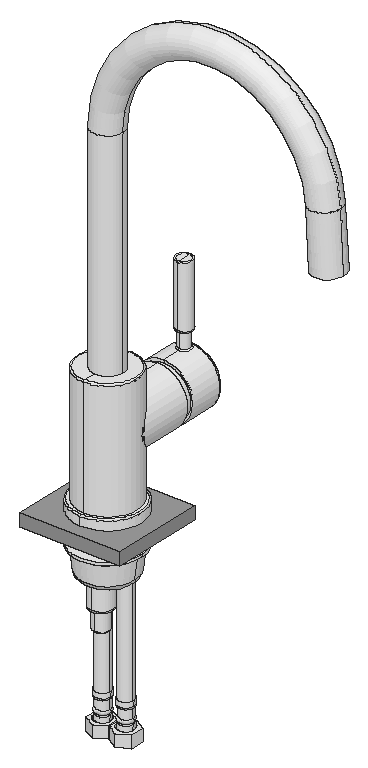
Revit family "SK-3500", category Plumbing Fixtures, host Face, Revit 2019
Family settings
  Host = Face
  Round Connector Dimension = Use Diameter
  Part Type = Normal
  OmniClass Number = 23.65.70.11.11
  OmniClass Title = Fixtures for Liquids
  Cut with Voids When Loaded = No
  Shared = No
  Room Calculation Point = No
Parameters (values of type "1.5 GPM, Polished Chrome")
  z Has Trim = no
  z Has Rebuild Kit Trim Only = no
  Waste Connection = no
  Vent Connection = no
  URL = ""
  Product Material = Chrome - Symmons - Polished
  Model = ""
  Manufacturer = ""
  HW Connection = no
  Gallons Per Minute = 1.500 GPM
  Description = ""
  Default Elevation = 0.000"
  Date Modified = ""
  Date Created = ""
  CW Connection = no
Types (2): name | Gallons Per Minute
  1.5 GPM, Polished Chrome | 1.500 GPM
  2.2 GPM, Polished Chrome | 2.200 GPM
Reference planes (in)
  plane 1 "Center (Front/Back)": y = 0
  plane 2 "Center (Elevation)": z = 0
  plane 3 "Center (Left/Right)": x = 0
  plane 4: z = 0
  plane 5: z = 0
Forms (in)
  Extrusion 1, solid, material "Default"
    sketch origin (0, 0, 0) x (1, 0, 0) y (0, 1, 0)
      loop
        line (-1.60333, 1.50708) -> (-1.60333, -1.54044) -> (1.62911, -1.54044) -> (1.62911, 1.50708) -> (-1.60333, 1.50708)
    from 0 to -0.38993
  Revolve 2, solid, material "Chrome - Symmons - Polished" <- "Product Material"
    sketch origin (0, -0.31305, 0.70312) x (0, 1, 0) y (0, 0, 1)
      loop
        line (2.35939, 1.69291) -> (2.9027, 1.69291) -> (2.9027, 2.4311)
        arc (2.9027, 2.4311) -> (2.64344, 2.55224) -> (2.35939, 2.58689) r 0.91014
        line (2.35939, 2.58689) -> (2.35939, 2.63925) -> (0.47524, 2.63925) -> (0.47524, 1.69291) -> (2.35939, 1.69291)
      axis (2.9027, 1.69291) -> (0.47524, 1.69291)
    angle from 0 to 360
  Revolve 3, solid, material "Chrome - Symmons - Polished" <- "Product Material"
    sketch origin (0, -0.31305, 0.70312) x (0, 1, 0) y (0, 0, 1)
      loop
        line (2.57593, 1.6923) -> (3.73734, 1.6923) -> (3.73734, 2.58247)
        arc (3.73734, 2.58247) -> (3.7208, 2.62241) -> (3.68086, 2.63895) r 0.05648
        line (3.68086, 2.63895) -> (2.57593, 2.63895) -> (2.57593, 1.6923)
      axis (3.73734, 1.6923) -> (2.57593, 1.6923)
    angle from 0 to 360
  Revolve 4, solid, material "Chrome - Symmons - Polished" <- "Product Material"
    sketch origin (0, 0, 0) x (0, 1, 0) y (0, 0, 1)
      loop
        line (3.11019, 5.94488) -> (3.11019, 3.32679)
        arc (3.11019, 3.32679) -> (3.21488, 3.32678) -> (3.31855, 3.34136) r 0.74942
        arc (3.31855, 3.34136) -> (3.2954, 3.35773) -> (3.28794, 3.38508) r 0.04197
        line (3.28794, 3.38508) -> (3.28794, 3.89764) -> (3.34777, 3.89764)
        arc (3.34777, 3.89764) -> (3.36488, 3.90752) -> (3.36488, 3.92727) r 0.01976
        line (3.36488, 3.92727) -> (3.36488, 5.92532)
        arc (3.36488, 5.92532) -> (3.3568, 5.94154) -> (3.339, 5.94488) r 0.02033
        line (3.339, 5.94488) -> (3.11019, 5.94488)
      axis (3.11019, 5.94488) -> (3.11019, 3.32679)
    angle from 0 to 360
  Revolve 5, solid, material "Chrome - Symmons - Polished" <- "Product Material"
    sketch origin (0, 0, 0) x (0, 1, 0) y (0, 0, 1)
      loop
        line (0, 0) -> (0, 4.15248) -> (-0.92075, 4.15248)
        arc (-0.92075, 4.15248) -> (-0.95084, 4.14002) -> (-0.9633, 4.10993) r 0.04255
        line (-0.9633, 4.10993) -> (-0.9633, 0.31496) -> (-1.06267, 0.31496)
        arc (-1.06267, 0.31496) -> (-1.09199, 0.30281) -> (-1.10414, 0.27349) r 0.04147
        line (-1.10414, 0.27349) -> (-1.10414, 0) -> (0, 0)
      axis (0, 0) -> (0, 4.15248)
    angle from 0 to 360
  Sweep 6, solid, material "Chrome - Symmons - Polished" <- "Product Material"
    path origin (0, 0, 0) x (1, 0, 0) y (0, 0, 1)
      loop
        line (0, 4.12598) -> (0, 11.12598)
        arc (0, 11.12598) -> (3.42212, 14.65671) -> (7.05801, 11.34653) r 3.53245
        line (7.05801, 11.34653) -> (7.17688, 9.44644)
    profile origin (0, 0, 7.62598) x (-1, 0, 0) y (0, -1, 0)
      loop
        circle (0, 0) r 0.5
  Revolve 7, solid, material "Chrome - Symmons - Polished" <- "Product Material"
    sketch origin (0.00108, 0, -0.21863) x (1, 0, 0) y (0, 0, 1)
      loop
        line (0, -1.70866) -> (0.64736, -1.70866)
        arc (0.64736, -1.70866) -> (0.8012, -1.66175) -> (0.8979, -1.53323) r 0.25966
        line (0.8979, -1.53323) -> (0.97913, -0.8717)
        arc (0.97913, -0.8717) -> (0.99739, -0.81938) -> (1.04265, -0.7874) r 0.09087
        line (1.04265, -0.7874) -> (1.11726, -0.7874) -> (1.11726, -0.7103) -> (0, -0.7103) -> (0, -1.70866)
      axis (0, -1.70866) -> (0, -0.7103)
    angle from 0 to 360
  Extrusion 8, solid, material "Chrome - Symmons - Polished" <- "Product Material"
    sketch origin (0.22878, 0.05945, 0.24397) x (0.861417, 0.507899, 0) y (-0.507899, 0.861417, 0)
      loop
        line (0.01221, 0.49023) -> (-0.20228, 0.86174) -> (-0.62055, 0.86174) -> (-0.83451, 0.49116) -> (-0.62247, 0.1239) -> (-0.19929, 0.1239) -> (0.01221, 0.49023)
      loop
        circle (-0.41424, 0.48931) r 0.27995
    from -6.56693 to -6.96051
  Extrusion 9, solid, material "Chrome - Symmons - Polished" <- "Product Material"
    sketch origin (-0.22878, 0.05945, 0.24397) x (-0.861417, 0.507899, 0) y (-0.507899, -0.861417, 0)
      loop
        line (0.01221, -0.49023) -> (-0.19929, -0.1239) -> (-0.62247, -0.1239) -> (-0.83451, -0.49116) -> (-0.62055, -0.86174) -> (-0.20228, -0.86174) -> (0.01221, -0.49023)
      loop
        circle (-0.41424, -0.48931) r 0.27995
    from -6.56693 to -6.96051
  Revolve 10, solid, material "Chrome - Symmons - Polished" <- "Product Material"
    sketch origin (0.00781, 0.27734, 0) x (1, 0, 0) y (0, 0, 1)
      loop
        line (-0.38314, -6.32296) -> (-0.38314, 0.26008) -> (-0.61005, 0.26008) -> (-0.61005, -5.47162) -> (-0.64182, -5.47162) -> (-0.64182, -5.62037)
        arc (-0.64182, -5.62037) -> (-0.63037, -5.6603) -> (-0.5995, -5.6881) r 0.07536
        line (-0.5995, -5.6881) -> (-0.5995, -5.99009)
        arc (-0.5995, -5.99009) -> (-0.6303, -6.05627) -> (-0.59061, -6.11753) r 0.07541
        line (-0.59061, -6.11753) -> (-0.59061, -6.17675) -> (-0.62143, -6.17675) -> (-0.62143, -6.32296) -> (-0.38314, -6.32296)
      axis (-0.38314, -6.32296) -> (-0.38314, 0.26008)
    angle from 0 to 360
  Revolve 11, solid, material "Chrome - Symmons - Polished" <- "Product Material"
    sketch origin (-0.00781, 0.27734, 0) x (-1, 0, 0) y (0, 0, -1)
      loop
        line (-0.38314, 6.32296) -> (-0.62143, 6.32296) -> (-0.62143, 6.17675) -> (-0.59061, 6.17675) -> (-0.59061, 6.11753)
        arc (-0.59061, 6.11753) -> (-0.6303, 6.05627) -> (-0.5995, 5.99009) r 0.07541
        line (-0.5995, 5.99009) -> (-0.5995, 5.6881)
        arc (-0.5995, 5.6881) -> (-0.63037, 5.6603) -> (-0.64182, 5.62037) r 0.07536
        line (-0.64182, 5.62037) -> (-0.64182, 5.47162) -> (-0.61005, 5.47162) -> (-0.61005, -0.26008) -> (-0.38314, -0.26008) -> (-0.38314, 6.32296)
      axis (-0.38314, 6.32296) -> (-0.38314, -0.26008)
    angle from 0 to 360
  Revolve 12, solid, material "Chrome - Symmons - Polished" <- "Product Material"
    sketch origin (0, 0, 0) x (0, 1, 0) y (0, 0, 1)
      loop
        line (-0.25596, -3.36614) -> (-0.25596, -0.38914) -> (-0.5128, -0.38914) -> (-0.5128, -1.92924) -> (-0.58425, -1.92924)
        arc (-0.58425, -1.92924) -> (-0.61767, -1.94091) -> (-0.62951, -1.97428) r 0.04096
        line (-0.62951, -1.97428) -> (-0.62951, -2.67489)
        arc (-0.62951, -2.67489) -> (-0.61062, -2.71119) -> (-0.57004, -2.71654) r 0.04432
        line (-0.57004, -2.71654) -> (-0.51219, -2.71654) -> (-0.51219, -3.33565) -> (-0.4817, -3.36614) -> (-0.25596, -3.36614)
      axis (-0.25596, -3.36614) -> (-0.25596, -0.38914)
    angle from 0 to 360
Dimensions and locks (in)
  plane 4 to plane 2 "Center (Elevation)" = 0.000"
  plane 5 to plane 4 = 0.000"
  aligned and locked: plane 2 "Center (Elevation)" to Extrusion 1
Connectors (in)
  piping at (-0.37657, 0.27056, -6.71654), diameter 0.5
    settings: on Extrusion 8, index 1, connector inside diameter 24", connector length 0.000", flow factor 0, pipe flow 0.000 GPM, pressure drop 0.00 psi, fitting loss kfactor 0, connector angle 0.000°, fixture units 0, engagement length 0.000", angle of deflection 0.000°, flow configuration 0, flow direction 1, fitting loss method 0, system type 20, joint type 0, gender type 0, connector reference index -1, connector utility 0, adjustable connector no, is connector primary yes, connector description "Cold Water Supply"
  piping at (0.37657, 0.27056, -6.71654), diameter 0.5
    settings: on Extrusion 9, index 2, connector inside diameter 24", connector length 0.000", flow factor 0, pipe flow 0.000 GPM, pressure drop 0.00 psi, fitting loss kfactor 0, connector angle 0.000°, fixture units 0, engagement length 0.000", angle of deflection 0.000°, flow configuration 0, flow direction 1, fitting loss method 0, system type 19, joint type 0, gender type 0, connector reference index -1, connector utility 0, adjustable connector no, is connector primary no, connector description "Hot Water Supply"
